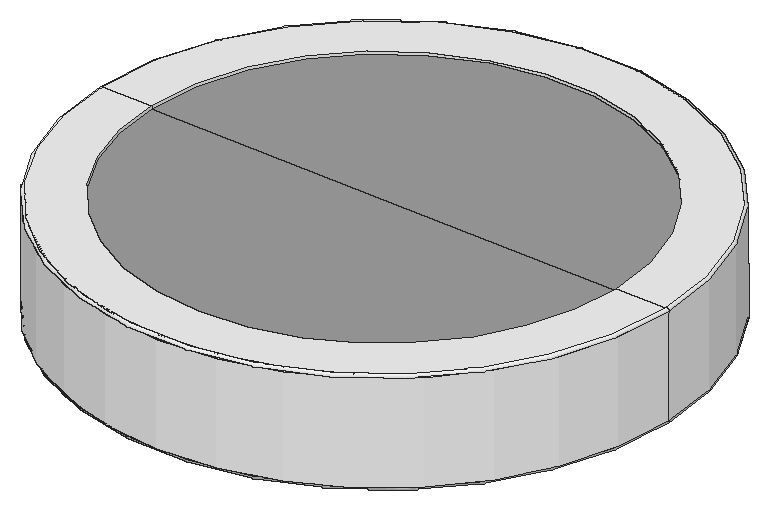
Revit family "0053305 Feilo Sylvania Lighting Fixture SYLFLAT SURFACE 2000 R 4000K", category Lighting Fixtures, host Face, Revit 2016
Family settings
  Host = Face
  Part Type = Normal
  Round Connector Dimension = Use Diameter
  OmniClass Number = 23.80.70.00
  OmniClass Title = Lighting
  Cut with Voids When Loaded = No
  Light Source = Yes
  Shared = No
  Room Calculation Point = No
Parameters (values of type "0053305 SYLFLAT SURFACE 2000 R 4000K")
  Weight = "5.6 kg"
  Wattage Comments = ""
  Wattage = 23 W
  WarrantyStartDate [instance] = "n/a"
  WarrantyGuarantorParts = "n/a"
  WarrantyDurationUnit = "n/a"
  WarrantyDurationParts = "n/a"
  WarrantyDescription = "n/a"
  built-in parameter 1150110 = 1 (stored number, unit not read)
  Voltage = 230 V
  URL = "http://www.feilosylvania.com"
  TypeName = "SYLFLAT SURFACE 2000 R 4000K"
  Type Image = <None>
  Type Comments = "n/a"
  built-in parameter 1114217 = 1 (stored number, unit not read)
  Tilt Angle = -90.00°
  built-in parameter 1150109 = 1 (stored number, unit not read)
  built-in parameter 1150134 = 12
  built-in parameter 1150113 = 1 (stored number, unit not read)
  Square_FEILO = no
  SerialNumber [instance] = "n/a"
  Photometric Web File = "0053305.ies"
  Material_3_FEILO = none
  PowerFactor = 0.9
  PowerConsumption = "23 W"
  NominalLength = 0 mm
  NominalHeight = 40 mm
  NominalDepth = 0 mm
  Name = "SYLFLAT SURFACE 2000 R 4000K"
  ModelReference = Name  # "SYLFLAT SURFACE 2000 R 4000K"
  ModelNumber = "0053305"
  Model = Name  # "SYLFLAT SURFACE 2000 R 4000K"
  Material = "plastic housing, polycarbonate diffuser"
  ManufacturerName = "Feilo Sylvania"
  Manufacturer = "Feilo Sylvania"
  LuminousEfficacy = "87 lm/W"
  built-in parameter 1150105 = 159.23 (stored number, unit not read)
  Lumens = 2001 lm
  LuminaireType = ""
  built-in parameter 1150115 = 1 (stored number, unit not read)
  LightOutputRatio = "100"
  built-in parameter 1150137 = (empty or 0)
  built-in parameter 1150139 = (empty or 0)
  LampsType = Lamp  # "LED"
  LampNominalLuminous = "2000 lm"
  LampMacAdamStep = "n/a"
  LampColourTemperature = "4000 K"
  LampColourRenderingIndex = "0"
  built-in parameter 1150112 = 1 (stored number, unit not read)
  built-in parameter 1150114 = 1 (stored number, unit not read)
  Lamp = "LED"
  Keynote = "16500"
  InstallationDate [instance] = "n/a"
  InputVoltage = "220-240V~"
  InputNominalFrequency = "n/a"
  built-in parameter 1150132 = (empty or 0)
  built-in parameter 1150102 = (empty or 0)
  built-in parameter 1150107 = 4000 (stored number, unit not read)
  built-in parameter 1150138 = (empty or 0)
  IngressProtection = "IP20"
  ImpactProtectionIndex = "IK06"
  built-in parameter 1150106 = 1.5923 (stored number, unit not read)
  IfcExportType = "IfcLightFixtureType"
  IfcExportAs = "IfcLightFixtureType"
  Height_FEILO = 40 mm
  ExpectedLife = 50000
  Emit from Circle Diameter = Diameter_FEILO - 40 mm  # 180 mm
  Emit Shape Visible in Rendering = no
  ElectricShockClassification = "Class II"
  built-in parameter 1150104 = 8.0826 (stored number, unit not read)
  DurationUnit = "hours"
  DocumentationLiterature = "http://www.feilosylvania.com/product/en-int/products/0053305"
  DimmingControlOptions = "Non dimmable"
  Material_2_FEILO = Diffuser-Sylvania-SylFlat-Opaque
  Dimming Lamp Color Temperature Shift = <None>
  Diameter_FEILO = 220 mm
  Description = "Integrated round surface mounted 220mm diameter LED downlight providing uniform distribution with an opal diffuser, 110° beam angle, 2000LM, 23W, 87lm/W, 4000K, CRI80, non-dimmable, IP20, IK06, 25,000hrs (L70)"
  Default Elevation = 1219.2 mm
  CreatedOn = "1/26/2018"
  CreatedBy = "aron.fodor@feilosylvania.com"
  Cost = 0
  Color Filter = 16777215
  built-in parameter 1114216 [instance] = (empty or 0)
  ClassificationValue = "EF_70_80"
  ClassificationName = "Uniclass2015"
  Material_1_FEILO = Body-Sylvania-SylFlat-White
  Circle_FEILO = yes
  BarCode [instance] = "n/a"
  built-in parameter 1114218 = 1 (stored number, unit not read)
  built-in parameter 1150133 = 10 (stored number, unit not read)
  AssetType = "Fixed"
  AssetIdentifier [instance] = "n/a"
  Assembly Code = "D5020200"
  Apparent Load = 23 VA
  Material_4_FEILO = none
Reference planes
  plane 1 "Center (Front/Back)": y = 0
  plane 2: z = 0
  plane 3 "Center (Left/Right)": x = 0
  plane 4: x = 110
  plane 5: x = -110
  plane 6: z = 40
  plane 7: x = -90
  plane 8: x = 90
  plane 9: z = 39
  plane 10: y = 110
  plane 11: y = -110
  plane 12: y = 90
  plane 13: y = -90
Forms (mm)
  Revolve 1, solid, material "Body-Sylvania-SylFlat-White" <- "Material_1_FEILO", visible <- "Circle_FEILO"
    sketch origin (0, 0, 0) x (1, 0, 0) y (0, 0, 1)
      loop
        line (0, 39) -> (-90, 39) -> (-90, 40) -> (-109, 40)
        arc (-109, 40) -> (-109.707, 39.707) -> (-110, 39) r 1
        line (-110, 39) -> (-110, 1)
        arc (-110, 1) -> (-109.707, 0.293) -> (-109, 0) r 1
        line (-109, 0) -> (0, 0) -> (0, 39)
      axis (0, 40) -> (0, 0)
    angle from 360 to 0
  Extrusion 2, solid, material "Body-Sylvania-SylFlat-White" <- "Material_1_FEILO", visible <- "Square_FEILO"
    sketch origin (0, 0, 0) x (1, 0, 0) y (0, 1, 0)
      loop
        arc (-105, 110) -> (-108.536, 108.536) -> (-110, 105) r 5
        line (-110, 105) -> (-110, -105)
        arc (-110, -105) -> (-108.536, -108.536) -> (-105, -110) r 5
        line (-105, -110) -> (105, -110)
        arc (105, -110) -> (108.536, -108.536) -> (110, -105) r 5
        line (110, -105) -> (110, 105)
        arc (110, 105) -> (108.536, 108.536) -> (105, 110) r 5
        line (105, 110) -> (-105, 110)
    from 0 to 40
  Extrusion 3, void
    sketch origin (1223.4, -4572, 40) x (-1, 0, 0) y (0, -1, 0)
      loop
        arc (1308.4, -4662) -> (1311.936, -4660.536) -> (1313.4, -4657) r 5
        line (1313.4, -4657) -> (1313.4, -4487)
        arc (1313.4, -4487) -> (1311.936, -4483.464) -> (1308.4, -4482) r 5
        line (1308.4, -4482) -> (1138.4, -4482)
        arc (1138.4, -4482) -> (1134.864, -4483.464) -> (1133.4, -4487) r 5
        line (1133.4, -4487) -> (1133.4, -4657)
        arc (1133.4, -4657) -> (1134.864, -4660.536) -> (1138.4, -4662) r 5
        line (1138.4, -4662) -> (1308.4, -4662)
    from 0 to -1
Cuts and joins
  Extrusion 3 cuts Extrusion 2
Dimensions and locks
  equal spacing: plane 4, plane 3 "Center (Left/Right)", plane 5
  "Diameter_FEILO": plane 4 to plane 5
  "Height_FEILO": plane 6 to plane 2
  equal spacing: plane 8, plane 3 "Center (Left/Right)", plane 7
  locked: plane 7 to plane 5 at 20
  locked: plane 6 to plane 9 at 1
  equal spacing: plane 11, plane 1 "Center (Front/Back)", plane 10
  equal spacing: plane 13, plane 1 "Center (Front/Back)", plane 12
  "Diameter_FEILO": plane 11 to plane 10
  locked: plane 12 to plane 10 at 20
  aligned and locked: plane 2 to host face
  aligned and locked: level to host face
  aligned and locked: Revolve 1 sketch curve to plane 3 "Center (Left/Right)"
  aligned and locked: plane 3 "Center (Left/Right)" to Revolve 1 sketch curve  (x2)
  aligned and locked: Revolve 1 sketch curve to plane 9
  aligned and locked: plane 7 to Revolve 1 sketch curve
  aligned and locked: Revolve 1 sketch curve to plane 6
  aligned and locked: Revolve 1 sketch curve to plane 5
  aligned and locked: Revolve 1 sketch curve to level
  aligned and locked: plane 10 to Extrusion 2 sketch curve
  aligned and locked: plane 5 to Extrusion 2 sketch curve
  aligned and locked: Extrusion 2 sketch curve to plane 11
  aligned and locked: Extrusion 2 sketch curve to plane 4
  aligned and locked: plane 12 to Extrusion 3 sketch curve
  aligned and locked: plane 7 to Extrusion 3 sketch curve
  aligned and locked: Extrusion 3 sketch curve to plane 13
  aligned and locked: Extrusion 3 sketch curve to plane 8
  aligned and locked: Extrusion 2 to plane 6
  aligned and locked: plane 9 to Extrusion 3
  aligned and locked: Extrusion 3 to plane 6
  aligned and locked: Extrusion 2 to level
  aligned and locked: Extrusion 2 to Extrusion 3
  aligned and locked: plane 3 "Center (Left/Right)" to imposter light
  aligned and locked: imposter light to plane 1 "Center (Front/Back)"
  aligned and locked: imposter light to plane 9
Automatic sketch dimensions
  host sketch curve to host sketch curve = 2438.4 mm  (x2)
  plane 5 to Revolve 1 sketch curve = 1 mm
  Revolve 1 sketch curve to Revolve 1 sketch curve = 1 mm
  Revolve 1 sketch curve to level = 609.6 mm
  Revolve 1 sketch curve to plane 6 = 2569.058 mm
  plane 10 to Extrusion 2 sketch curve = 0 mm
  plane 5 to Extrusion 2 sketch curve = 5 mm
  Extrusion 2 sketch curve to plane 7 = 15 mm
  Extrusion 2 sketch curve to plane 4 = 5 mm  (x2)
  plane 12 to Extrusion 3 sketch curve = 5 mm
  Extrusion 3 sketch curve to Extrusion 3 sketch curve = 5 mm  (x2)
  Extrusion 3 sketch curve to plane 13 = 5 mm
Connectors
  electrical at (0, 0, 0), driven by "Apparent Load", driven by "PowerFactor", driven by "Voltage"
    settings: index 1, voltage 230 V, apparent load 23 VA, apparent load phase1 0 VA, apparent load phase2 0 VA, apparent load phase3 0 VA, power factor 0.9, load classification "Lighting", number of poles 1, system type 30, power factor state 1, is connector primary yes, connector utility no, sub classification motor no, connector description ""
